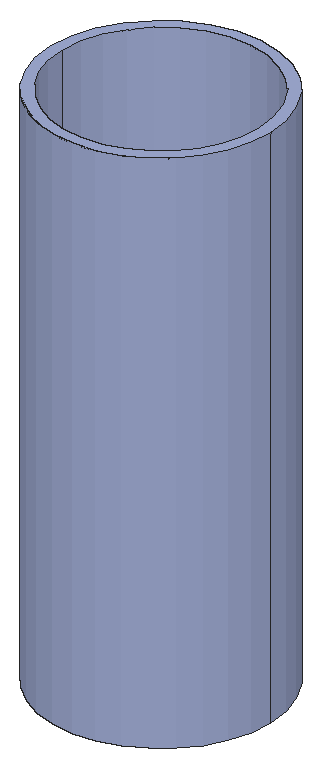
Revit family
Parameters (values of type "18" DIAMETER")
  URL = "http://www.acousticalsurfaces.com/quiet_liner/quiet_liner.htm?d=0"
  Type Comments = "Acoustical Liner Designed for HVAC "
  T.O. VERT DUCT - AFF = 6' - 0"
  Rad-Material = DUCT DIAMETER HALF + Material Thickness  # 0' - 10"
  Model = "Quiet Liner"
  Material Thickness = 0' - 1"
  Material = Acoustical Surfaces - Quiet Liner
  Manufacturer = "Acoustical Surfaces Inc."
  LENGTH [instance] = 4' - 0"
  Description = "Quiet Natural Fiber Liner is used primarily as an acoustical liner designed for HVAC sheet metal ducts to absorb unwanted noise from multiple sources. Quiet Liner also reduces heat gain or loss. Quiet Natural Fiber Liner contains no harmful irritants and is safe to handle and install."
  DUCT TYPE [instance] = Acoustical Surfaces - Quiet Liner
  DUCT DIAMETER HALF = DUCT DIAMETER / 2  # 0' - 9"
  DUCT DIAMETER = 1' - 6"
Reference planes (in)
  plane 1 "Center F/B": y = 1.97217
  plane 2: z = 0
  plane 3 "Center L/R": x = 1.02277
  plane 4: y = 10.97217
  plane 5: y = -7.02783
  plane 6 "CENTER OF DUCT": z = 72
  plane 7: x = -7.97723
  plane 8: x = 10.02277
  plane 9: z = 24
Forms (in)
  Sweep 1, solid, material "Acoustical Surfaces - Quiet Liner" <- "DUCT TYPE"
    path origin (0, 1.97217, 0) x (1, 0, 0) y (0, 0, 1)
      loop
        line (1.02277, 24) -> (1.02277, 72)
    profile origin (0, 1.97217, 48) x (-1, 0, 0) y (0, -1, 0)
      loop
        circle (-1.02277, 0) r 9
      loop
        circle (-1.02277, 0) r 10
Lines and regions (in)
  symbolic lines, style "InvisibleLines"
    curve 1: line (1.02277, 0, 72) -> (1.02277, 0, 0)
  symbolic lines, style "DUCT"
    curve 2: arc (10.02277, 1.97217, 0) -> (1.02277, 10.97217, 0) -> (-7.97723, 1.97217, 0) r 9
    curve 3: arc (-7.97723, 1.97217, 0) -> (1.02277, -7.02783, 0) -> (10.02277, 1.97217, 0) r 9
Dimensions and locks (in)
  equal spacing: plane 5, plane 1 "Center F/B", plane 4
  "DUCT DIAMETER": plane 5 to plane 4
  "T.O. VERT DUCT - AFF": plane 6 "CENTER OF DUCT" to plane 2
  equal spacing: plane 7, plane 3 "Center L/R", plane 8
  "DUCT DIAMETER": plane 7 to plane 8
  "LENGTH": plane 6 "CENTER OF DUCT" to plane 9
  "DUCT DIAMETER HALF": radius of curve 2
  "Rad-Material": radius of Sweep 1 sketch curve
  aligned and locked: plane 2 to curve 1
  aligned and locked: plane 9 to Sweep 1 sketch curve
  aligned and locked: plane 3 "Center L/R" to Sweep 1 sketch curve
  aligned and locked: plane 6 "CENTER OF DUCT" to Sweep 1 sketch curve
  aligned and locked: Sweep 1 sketch curve to curve 2
Automatic sketch dimensions
  curve 1 to plane 3 "Center L/R" = 0' - 0"
  curve 1 to plane 6 "CENTER OF DUCT" = 0' - 0"
  curve 3 to plane 1 "Center F/B" = 0' - 0"
  curve 2 to plane 3 "Center L/R" = 0' - 0"
  Sweep 1 sketch curve to plane 1 "Center F/B" = 0' - 0"
  Sweep 1 sketch curve to profile plane = 0' - 0"
